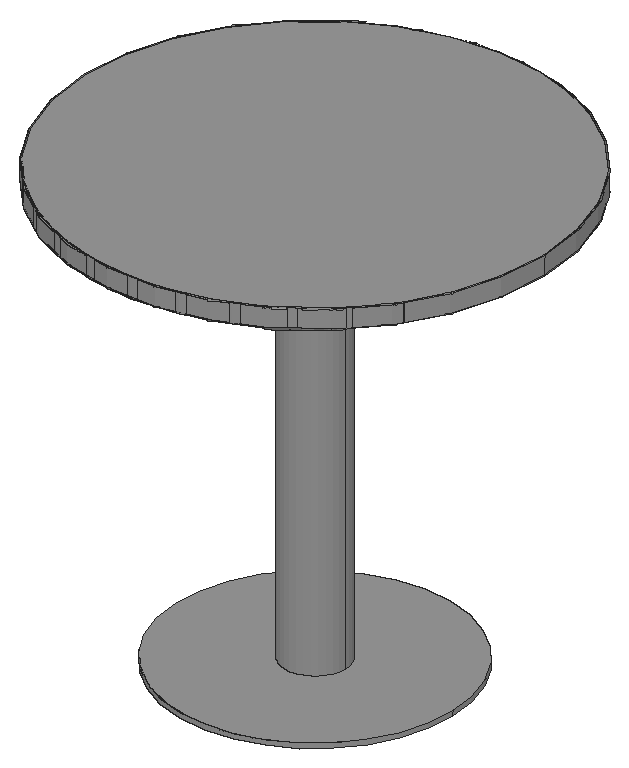
Revit family "Inklud 30in Round 29H Pedestal Base Table", category Furniture, Revit 2018
Family settings
  OmniClass Number = 23.40.20.00
  OmniClass Title = General Furniture and Specialties
  Work Plane-Based = No
  Always vertical = Yes
  Cut with Voids When Loaded = No
  Shared = No
  Room Calculation Point = No
Parameters
  Surface = Inklud 30" Round 29"H Pedestal Table Surface
  Edgeband = Inklud 30" Round 29"H Pedestal Table Edgeband
Reference planes (in)
  plane 1 "Center Front/Back": y = 0
  plane 2: z = 0
  plane 3 "Center Left/Right": x = 0
Forms (in)
  Extrusion 1, solid, material "Inklud Table Frame Platinum"
    sketch origin (0, 0, 0) x (1, 0, 0) y (0, 1, 0)
      loop
        line (-6, 6) -> (-6, -6) -> (6, -6) -> (6, 6) -> (-6, 6)
    from 27.62811 to 27.86433
  Extrusion 2, solid, material "Inklud Table Frame Platinum"
    sketch origin (0, 0, 0) x (1, 0, 0) y (0, 1, 0)
      loop
        circle (0, 0) r 2
    from 0.31496 to 27.62811
  Extrusion 3, solid, material "Inklud Table Frame Platinum"
    sketch origin (0, 0, 0) x (1, 0, 0) y (0, 1, 0)
      loop
        circle (0, 0) r 9
    from 0 to 0.31496
Dimensions and locks (in)
  aligned and locked: level to plane 2
Nested families (in)
  nested 1: "Inklud 30in Round Tabletop" at (0, 0, 0.20778), type "Inklud 30in Round Tabletop"
Definition of nested family "Inklud 30in Round Tabletop"
  Parameters (values of type "Inklud 30in Round Tabletop")
    Surface = none
    Edgeband = none
  Reference planes (in)
    plane 1 "Center (Front/Back)": y = 0
    plane 2: z = 0
    plane 3 "Center (Left/Right)": x = 0
  Forms (in)
    Extrusion 1, solid, material <- "Surface"
      sketch origin (0, 0, 0) x (1, 0, 0) y (0, 1, 0)
        loop
          circle (0, 0) r 15
      from 27.65655 to 28.90655
    Sweep 2, solid, material <- "Edgeband"
      path origin (0, 0, 0) x (1, 0, 0) y (0, 1, 0)
        loop
          circle (0, 0) r 15
      profile origin (0, 15, 0) x (0, -1, 0) y (0, 0, 1)
        loop
          arc (0, 28.90655) -> (-0.03536, 28.8919) -> (-0.05, 28.85655) r 0.05
          line (-0.05, 28.85655) -> (-0.05, 27.70655)
          arc (-0.05, 27.70655) -> (-0.03536, 27.67119) -> (0, 27.65655) r 0.05
          line (0, 27.65655) -> (0, 28.90655)
  Dimensions and locks (in)
    aligned and locked: plane 2 to level
